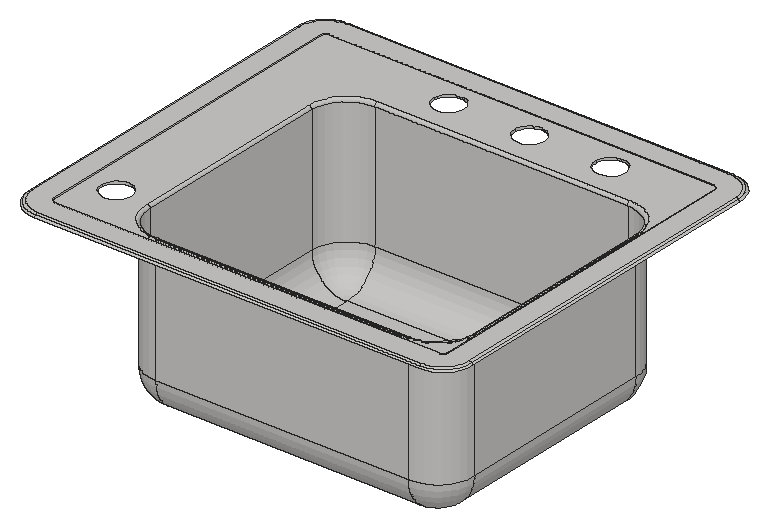
Revit family "Sink-Topmount-Acorn-CDLB-2220-80_Series", category Plumbing Fixtures, host Face, Revit 2019
Family settings
  Host = Face
  Round Connector Dimension = Use Diameter
  Part Type = Normal
  OmniClass Number = 23.45.05.14.14
  OmniClass Title = Sinks/Lavatories
  Cut with Voids When Loaded = No
  Shared = Yes
  Room Calculation Point = No
Parameters (values of type "CDLB-2220-80-3")
  cUPC Compliant = yes
  Width = 22"  # constant formula
  Waste Connection = no
  WFU = 4  # constant formula
  Vent Connection = no
  URL = "https://www.acorneng.com/home"
  Type Comments = "Back and Left Faucet Ledge"  # constant formula
  Right Faucet Hole Distance = 4"
  Right Faucet Hole Depth = 2"
  Product Page URL = ""
  Product Documentation Link = ""
  Model = "CDLB-2220-80-3"
  Material = "Stainless Steel-Acorn-Satin"  # constant formula
  Manufacturer = "Acorn"
  Length = 19 1/2"  # constant formula
  Left Faucet Hole Distance = 4"
  Left Faucet Hole Depth = 2"
  Installation Type = "Wall Mounted"
  Height = 8"  # constant formula
  HWFU = 3  # constant formula
  HW Connection = no
  Finish = Stainless Steel-Acorn-Satin
  Drain Opening Size = 3 1/2"
  Description = "Stainless Steel Drop In Sink"
  Default Elevation = 34"
  Deck Punching Hole Depth = 2"
  Creation Date = "23/12/2023"  # constant formula
  Compliance Certifications = "ASME A112.19.3/CSA B45.4, IAPMO® Certified"
  Central Faucet Hole Depth = 2"
  CWFU = 3  # constant formula
  CW Connection = no
  Bowl Width = 16"  # constant formula
  Bowl Length = 13 1/2"  # constant formula
  Assembly Code = "D2010440"
  -3 3 Holes on 4” Centers (8” Centerset) = yes
  -1 Single Hole Centered = no
  -0 Blank, No Deck Punching = no
  -2 2 Holes on 4” Centers (4” Centerset) = no
Types (5): name | Right Faucet Hole Distance | Right Faucet Hole Depth | Model | Left Faucet Hole Distance | Left Faucet Hole Depth | Deck Punching Hole Depth | Central Faucet Hole Depth | -3 3 Holes on 4” Centers (8” Centerset) | -1 Single Hole Centered | -0 Blank, No Deck Punching | -2 2 Holes on 4” Centers (4” Centerset)
  (no name) | 4" | 2" | "CDLB-2220-80-3" | 4" | 2" | 2" | 2" | yes | no | no | no
  CDLB-2220-80-0 | 4" | 1" | "CDLB-2220-80-0" | 4" | 1" | 1" | 1" | no | no | yes | no
  CDLB-2220-80-1 | 4" | 1" | "CDLB-2220-80-1" | 4" | 1" | 2" | 2" | no | yes | no | no
  CDLB-2220-80-2 | 2" | 2" | "CDLB-2220-80-2" | 2" | 2" | 2" | 1" | no | no | no | yes
  CDLB-2220-80-3 | 4" | 2" | "CDLB-2220-80-3" | 4" | 2" | 2" | 2" | yes | no | no | no
Reference planes (in)
  plane 1 "Center (Front/Back)": y = 0
  plane 2: z = 0
  plane 3 "Center (Left/Right)": x = 0
  plane 4: z = -8
  plane 5: z = 2
  plane 6: z = 0
  plane 7: z = 0
  plane 8: z = 0
  plane 9: x = 4
  plane 10: x = -4
  plane 11: x = -12.5
  plane 12: x = 9.5
  plane 13: y = -17.875
  plane 14: y = -2.625
  plane 15: y = -4.375
  plane 16: y = -11.125
  plane 17: z = -7.9375
  plane 18: y = -19.5
  plane 19: x = 8
  plane 20: x = -8
  plane 21: x = -9.75
  plane 22: y = -16
Forms (in)
  Extrusion 1, solid, material "Stainless Steel-Acorn-Satin" <- "Finish"
    sketch origin (-18.07586, 1.04906, -0.59717) x (1, 0, 0) y (0, 1, 0)
      loop
        circle (18.07586, -12.17406) r 1.75
      loop
        arc (24.38836, -7.17406) -> (24.37008, -7.12992) -> (24.32594, -7.11164) r 0.06242
        line (24.32594, -7.11164) -> (11.82586, -7.11164)
        arc (11.82586, -7.11164) -> (11.78172, -7.12992) -> (11.76344, -7.17406) r 0.06242
        line (11.76344, -7.17406) -> (11.76344, -17.17406)
        arc (11.76344, -17.17406) -> (11.78172, -17.21819) -> (11.82586, -17.23647) r 0.06242
        line (11.82586, -17.23647) -> (24.32594, -17.23647)
        arc (24.32594, -17.23647) -> (24.37008, -17.21819) -> (24.38836, -17.17406) r 0.06242
        line (24.38836, -17.17406) -> (24.38836, -7.17406)
    from -7.40283 to -7.34033
  Sweep 2, solid, material "Stainless Steel-Acorn-Satin" <- "Finish"
    path origin (0.50008, 0.25, 0) x (1, 0, 0) y (0, 1, 0)
      loop
        line (-8.50008, -6.375) -> (-8.50008, -16.375)
        arc (-8.50008, -16.375) -> (-7.98752, -17.61244) -> (-6.75008, -18.125) r 1.75
        line (-6.75008, -18.125) -> (5.75, -18.125)
        arc (5.75, -18.125) -> (6.98744, -17.61244) -> (7.5, -16.375) r 1.75
        line (7.5, -16.375) -> (7.5, -6.375)
        arc (7.5, -6.375) -> (6.98744, -5.13756) -> (5.75, -4.625) r 1.75
        line (5.75, -4.625) -> (-6.75008, -4.625)
        arc (-6.75008, -4.625) -> (-7.98752, -5.13756) -> (-8.50008, -6.375) r 1.75
    profile origin (-8, -11.125, 0) x (1, 0, 0) y (0, 0, 1)
      loop
        line (-0.15271, 0.09698) -> (-0.21339, 0.09698) -> (-0.21339, 0) -> (-0.11121, 0)
        arc (-0.11121, 0) -> (-0.07671, -0.01429) -> (-0.06242, -0.0488) r 0.0488
        line (-0.06242, -0.0488) -> (-0.06242, -6.25)
        arc (-0.06242, -6.25) -> (0.45015, -7.48744) -> (1.68758, -8) r 1.75
        line (1.68758, -8) -> (1.68758, -7.9375)
        arc (1.68758, -7.9375) -> (0.49434, -7.44324) -> (0.00008, -6.25) r 1.6875
        line (0.00008, -6.25) -> (0.00008, -0.05581)
        arc (0.00008, -0.05581) -> (-0.04467, 0.05223) -> (-0.15271, 0.09698) r 0.15279
  Extrusion 3, solid, material "Stainless Steel-Acorn-Satin" <- "Finish"
    sketch origin (0, 0.25, 0) x (1, 0, 0) y (0, 1, 0)
      loop
        line (6.25008, -4.41161) -> (-6.25, -4.41161)
        arc (-6.25, -4.41161) -> (-7.63833, -4.98667) -> (-8.21339, -6.375) r 1.96339
        line (-8.21339, -6.375) -> (-8.21339, -16.375)
        arc (-8.21339, -16.375) -> (-7.63833, -17.76333) -> (-6.25, -18.33839) r 1.96339
        line (-6.25, -18.33839) -> (6.25008, -18.33839)
        arc (6.25008, -18.33839) -> (7.63841, -17.76333) -> (8.21347, -16.375) r 1.96339
        line (8.21347, -16.375) -> (8.21347, -6.375)
        arc (8.21347, -6.375) -> (7.63841, -4.98667) -> (6.25008, -4.41161) r 1.96339
      loop
        arc (-11, -1.5) -> (-11.17678, -1.57322) -> (-11.25, -1.75) r 0.25
        line (-11.25, -1.75) -> (-11.25, -18.25)
        arc (-11.25, -18.25) -> (-11.17678, -18.42678) -> (-11, -18.5) r 0.25
        line (-11, -18.5) -> (8, -18.5)
        arc (8, -18.5) -> (8.17678, -18.42678) -> (8.25, -18.25) r 0.25
        line (8.25, -18.25) -> (8.25, -1.75)
        arc (8.25, -1.75) -> (8.17678, -1.57322) -> (8, -1.5) r 0.25
        line (8, -1.5) -> (-11, -1.5)
    from 0 to 0.09698
  Extrusion 4, void
    sketch origin (0, 0, 0) x (1, 0, 0) y (0, 1, 0)
      loop
        line (-12.5, -1.5) -> (-12.5, -18)
        arc (-12.5, -18) -> (-12.06066, -19.06066) -> (-11, -19.5) r 1.5
        line (-11, -19.5) -> (8, -19.5)
        arc (8, -19.5) -> (9.06066, -19.06066) -> (9.5, -18) r 1.5
        line (9.5, -18) -> (9.5, -1.5)
        arc (9.5, -1.5) -> (9.06066, -0.43934) -> (8, 0) r 1.5
        line (8, 0) -> (-11, 0)
        arc (-11, 0) -> (-12.06066, -0.43934) -> (-12.5, -1.5) r 1.5
    from -21.11575 to 12
  Extrusion 5, void
    sketch origin (0, 0, 0) x (1, 0, 0) y (0, 1, 0)
      loop
        circle (-4, -2.625) r 0.75
    from 0 to 2
  Extrusion 6, void
    sketch origin (2, 0, 0) x (1, 0, 0) y (0, 1, 0)
      loop
        circle (-2, -2.625) r 0.75
    from 0 to 2
  Extrusion 7, void
    sketch origin (4, 0, 0) x (1, 0, 0) y (0, 1, 0)
      loop
        circle (0, -2.625) r 0.75
    from 0 to 2
  Extrusion 8, void
    sketch origin (0, 0, 0) x (1, 0, 0) y (0, 1, 0)
      loop
        circle (-9.75, -16) r 0.75
    from 0 to 2
  Sweep 9, solid, material "Stainless Steel-Acorn-Satin" <- "Finish"
    path origin (-0.24047, 0, 0) x (1, 0, 0) y (0, 1, 0)
      loop
        arc (-10.75953, 0) -> (-11.82019, -0.43934) -> (-12.25953, -1.5) r 1.5
        line (-12.25953, -1.5) -> (-12.25953, -18)
        arc (-12.25953, -18) -> (-11.82019, -19.06066) -> (-10.75953, -19.5) r 1.5
        line (-10.75953, -19.5) -> (8.24047, -19.5)
        arc (8.24047, -19.5) -> (9.30113, -19.06066) -> (9.74047, -18) r 1.5
        line (9.74047, -18) -> (9.74047, -1.5)
        arc (9.74047, -1.5) -> (9.30113, -0.43934) -> (8.24047, 0) r 1.5
        line (8.24047, 0) -> (-10.75953, 0)
    profile origin (-1.5, 0, 0) x (0, 1, 0) y (0, 0, 1)
      loop
        line (-0.00024, 0) -> (-0.08808, 0.07113)
        arc (-0.08808, 0.07113) -> (-0.14336, 0.10209) -> (-0.20581, 0.11282) r 0.18708
        line (-0.20581, 0.11282) -> (-1.25, 0.11282) -> (-1.25, 0) -> (-0.00024, 0)
Cuts and joins
  Extrusion 5, Extrusion 6, Extrusion 7, Extrusion 8 cuts Extrusion 1
  Extrusion 5, Extrusion 6, Extrusion 7, Extrusion 8 cuts Sweep 2
  Extrusion 5, Extrusion 6, Extrusion 7, Extrusion 8 cuts Extrusion 3
  joined: Extrusion 1, Sweep 2, Extrusion 3
Dimensions and locks (in)
  host face to plane 4 = 8"
  "Left Faucet Hole Depth": plane 5 to plane 6
  "Right Faucet Hole Depth": plane 5 to plane 8
  "Central Faucet Hole Depth": plane 5 to plane 7
  "Right Faucet Hole Distance": plane 3 "Center (Left/Right)" to plane 9
  "Left Faucet Hole Distance": plane 10 to plane 3 "Center (Left/Right)"
  "Width": plane 11 to plane 12
  plane 15 to plane 16 = 6 3/4"
  locked: plane 17 to plane 4 at 0.0625
  "Height": level to plane 4
  "Height": level to Sweep 2 sketch curve
  locked: Sweep 2 sketch curve to Sweep 2 sketch curve at 0.0625
  plane 3 "Center (Left/Right)" to plane 12 = 9 1/2"
  locked: plane 14 to plane 15 at 1.75
  "Bowl Length": plane 15 to plane 13
  "Length": plane 18 to plane 1 "Center (Front/Back)"
  plane 19 to plane 12 = 1 1/2"
  "Bowl Width": plane 20 to plane 19
  plane 13 to plane 18 = 1 5/8"
  plane 22 to plane 13 = 1 7/8"
  plane 21 to plane 20 = 1 3/4"
  "Deck Punching Hole Depth": plane 5 to Extrusion 8
  diameter of Extrusion 8 sketch curve = 1 1/2"
  aligned and locked: host face to plane 2
  aligned and locked: host face to level
  aligned and locked: plane 5 to Extrusion 5
  aligned and locked: plane 3 "Center (Left/Right)" to Extrusion 6 sketch curve
  aligned and locked: Extrusion 5 to plane 6
  aligned and locked: Extrusion 6 to plane 7
  aligned and locked: plane 8 to Extrusion 7
  aligned and locked: plane 10 to Extrusion 5 sketch curve
  aligned and locked: Extrusion 7 sketch curve to plane 9
  aligned and locked: plane 14 to Extrusion 5 sketch curve
  aligned and locked: plane 14 to Extrusion 6 sketch curve
  aligned and locked: plane 14 to Extrusion 7 sketch curve
  aligned and locked: plane 16 to Extrusion 1 sketch curve
  aligned and locked: plane 3 "Center (Left/Right)" to Extrusion 1 sketch curve
  aligned and locked: plane 21 to Extrusion 8 sketch curve
  aligned and locked: plane 22 to Extrusion 8 sketch curve
  aligned and locked: plane 12 to Sweep 9 sketch curve
  aligned and locked: plane 11 to Sweep 9 sketch curve
  aligned and locked: plane 1 "Center (Front/Back)" to Sweep 9 sketch curve
  aligned and locked: plane 18 to Sweep 9 sketch curve
  aligned and locked: Extrusion 3 sketch curve to Sweep 9  (x4)
  aligned and locked: cut or joined group of Extrusion 1, Sweep 2, Extrusion 3, Extrusion 5, Extrusion 6, Extrusion 7, Extrusion 8 to plane 4
  aligned and locked: cut or joined group of Extrusion 1, Sweep 2, Extrusion 3, Extrusion 5, Extrusion 6, Extrusion 7, Extrusion 8 to plane 17
  aligned and locked: plane 5 to Extrusion 8
Automatic sketch dimensions
  host sketch curve to host sketch curve = 161.60125"
  host sketch curve to host sketch curve = 96"
  plane 20 to Extrusion 1 sketch curve = 1 3/4"  (x2)
  Extrusion 1 sketch curve to plane 22 = 1/8"
  Extrusion 1 sketch curve to Extrusion 1 sketch curve = 0.06242"  (x2)
  Extrusion 1 sketch curve to plane 19 = 1.74992"  (x2)
  Extrusion 1 sketch curve to plane 15 = 1 3/4"
  Sweep 2 sketch curve to plane 20 = 0"
  Sweep 2 sketch curve to plane 15 = 0"
  Sweep 2 sketch curve to plane 13 = 0"
  Sweep 2 sketch curve to plane 22 = 1/8"
  plane 20 to Sweep 2 sketch curve = 1 3/4"
  Sweep 2 sketch curve to plane 19 = 1.74992"  (x2)
  plane 19 to Sweep 2 sketch curve = 0.00008"
  Sweep 2 sketch curve to Sweep 2 sketch curve = 0"  (x2)
  Sweep 2 sketch curve to profile plane = 0"
  profile plane to Sweep 2 sketch curve = 0.09698"
  profile plane to Sweep 2 sketch curve = 0.21339"
  Sweep 2 sketch curve to Sweep 2 sketch curve = 0.06068"
  Sweep 2 sketch curve to Sweep 2 sketch curve = 0.0415"
  profile plane to Sweep 2 sketch curve = 0.06242"
  Sweep 2 sketch curve to Sweep 2 sketch curve = 1 11/16"
  plane 15 to Extrusion 3 sketch curve = 0.21339"
  Extrusion 3 sketch curve to plane 19 = 1.74992"  (x2)
  Extrusion 3 sketch curve to plane 13 = 0.21339"
  Extrusion 3 sketch curve to plane 22 = 1/8"
  plane 20 to Extrusion 3 sketch curve = 1 3/4"  (x2)
  plane 19 to Extrusion 3 sketch curve = 0.21347"
  Extrusion 4 sketch curve to plane 11 = 0"
  Extrusion 4 sketch curve to plane 18 = 0"
  plane 1 "Center (Front/Back)" to Extrusion 4 sketch curve = 0"
  Extrusion 4 sketch curve to plane 19 = 0"  (x2)
  Extrusion 4 sketch curve to plane 12 = 0"
  Extrusion 4 sketch curve to plane 13 = 1/8"
  Extrusion 4 sketch curve to plane 21 = 1 1/4"
  Sweep 9 sketch curve to profile plane = 0"
  profile plane to Sweep 9 sketch curve = 1 1/4"
  profile plane to Sweep 9 sketch curve = 0.11282"
  profile plane to Sweep 9 sketch curve = 0.20581"
  profile plane to Sweep 9 sketch curve = 0.07113"
  profile plane to Sweep 9 sketch curve = 0.08808"
  profile plane to Sweep 9 sketch curve = 0.00024"
  Sweep 9 sketch curve to plane 19 = 0"  (x2)
  plane 14 to Sweep 9 sketch curve = 1 1/8"
  Sweep 9 sketch curve to plane 13 = 1/8"
  Extrusion 3 sketch curve to plane 19 = 0"  (x2)
  Extrusion 3 sketch curve to plane 21 = 1 1/4"
  Extrusion 3 sketch curve to Extrusion 3 sketch curve = 1/4"
  radius of Extrusion 1 sketch curve = 1 3/4"
  radius of Extrusion 5 sketch curve = 3/4"
  radius of Extrusion 6 sketch curve = 3/4"
  radius of Extrusion 7 sketch curve = 3/4"
